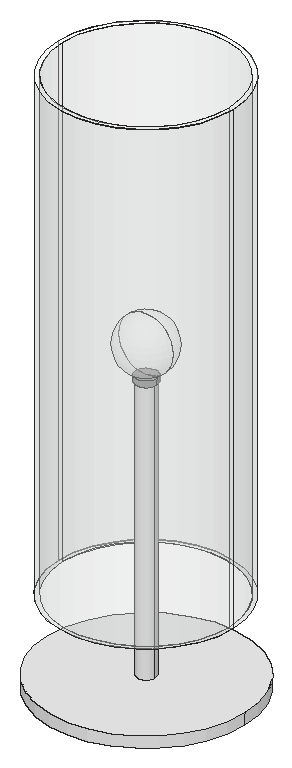
Revit family
Parameters (values of type "200 Watts")
  Wattage Comments = "200"
  Wattage = 200 W
  built-in parameter 1150110 = 1 (stored number, unit not read)
  built-in parameter 1114217 = 1 (stored number, unit not read)
  built-in parameter 1150109 = 1 (stored number, unit not read)
  built-in parameter 1150134 = 4
  built-in parameter 1150113 = 1 (stored number, unit not read)
  built-in parameter 1150105 = 190.99 (stored number, unit not read)
  Lumens = 2400 lm
  Material of Lamp Shade = Lamp Shade Material
  Material of Lamp Base = Lamp Base Materiel
  built-in parameter 1150115 = 1 (stored number, unit not read)
  Light Source Symbol Size = 609.6 mm
  built-in parameter 1150137 = (empty or 0)
  built-in parameter 1150139 = (empty or 0)
  built-in parameter 1150112 = 1 (stored number, unit not read)
  built-in parameter 1150114 = 1 (stored number, unit not read)
  Lamp = "TL-2"
  built-in parameter 1150132 = (empty or 0)
  built-in parameter 1150102 = (empty or 0)
  built-in parameter 1150107 = 2800 (stored number, unit not read)
  built-in parameter 1150138 = (empty or 0)
  built-in parameter 1150106 = 1.9099 (stored number, unit not read)
  Height [instance] = 750 mm
  built-in parameter 1150104 = 1.1148 (stored number, unit not read)
  Dimming Lamp Color Temperature Shift = (empty or 0)
  Color Filter = 16777215
  built-in parameter 1114218 = 1 (stored number, unit not read)
  built-in parameter 1150133 = 10 (stored number, unit not read)
Types (3, lengths in mm): name | Wattage Comments | Wattage | built-in parameter 1150105 | Lumens | built-in parameter 1150106
  (no name) | "200" | 200 W | 190.99 (stored number, unit not read) | 2400 lm | 1.9099 (stored number, unit not read)
  200 Watts | "200" | 200 W | 190.99 (stored number, unit not read) | 2400 lm | 1.9099 (stored number, unit not read)
  400 Watts | "400" | 400 W | 381.97 (stored number, unit not read) | 4800 lm | 3.8197 (stored number, unit not read)
Reference planes
  plane 1 "Light Source Axis (F/B)": y = 0
  plane 2: z = 0
  plane 3 "Light Source Axis (L/R)": x = 0
  plane 4 "Light Source Elevation": z = 1030
  plane 5: z = 750
  plane 6: x = -90
  plane 7: x = 90
  plane 8: y = 90
  plane 9: y = -90
Forms (mm)
  Extrusion 1, solid, material "Lamp Base Materiel" <- "Material of Lamp Base"
    sketch origin (0, 0, 750) x (-1, 0, 0) y (0, -1, 0)
      loop
        circle (0, 0) r 90
    from 0 to 10
  Extrusion 2, solid, material "Lamp Base Materiel" <- "Material of Lamp Base"
    sketch origin (0, 0, 750) x (-1, 0, 0) y (0, -1, 0)
      loop
        circle (0, 0) r 8
    from 10 to 250
  Extrusion 3, solid, material "Lamp Shade Material" <- "Material of Lamp Shade"
    sketch origin (0, 0, 750) x (-1, 0, 0) y (0, -1, 0)
      loop
        circle (0, 0) r 80
      loop
        circle (0, 0) r 75.873
    from 75 to 500
  Extrusion 4, solid, material "Default"
    sketch origin (0, 0, 750) x (-1, 0, 0) y (0, -1, 0)
      loop
        circle (0, 0) r 9.422
    from 250 to 255
  Revolve 5, solid, material "Lamp Shade Material" <- "Material of Lamp Shade"
    sketch origin (0, 0, 0) x (1, 0, 0) y (0, 0, 1)
      loop
        arc (0, 1005) -> (25, 1030) -> (0, 1055) r 25
        line (0, 1055) -> (0, 1005)
      axis (0, 1055) -> (0, 1005)
    angle from 0 to 360
Dimensions and locks
  "Height": plane 5 to plane 2
  locked: plane 4 "Light Source Elevation" to plane 5 at 280
  plane 6 to plane 7 = 180 mm
  plane 9 to plane 8 = 180 mm
  aligned and locked: Extrusion 1 to plane 5
  aligned and locked: Extrusion 2 to Extrusion 1
  aligned and locked: Extrusion 4 to Revolve 5 sketch curve
  aligned and locked: plane 3 "Light Source Axis (L/R)" to Revolve 5 sketch curve
  aligned and locked: plane 3 "Light Source Axis (L/R)" to imposter light
  aligned and locked: plane 1 "Light Source Axis (F/B)" to imposter light
  aligned and locked: plane 4 "Light Source Elevation" to imposter light
Automatic sketch dimensions
  Extrusion 1 sketch curve to plane 1 "Light Source Axis (F/B)" = 0 mm
  Extrusion 1 sketch curve to plane 3 "Light Source Axis (L/R)" = 0 mm
  Extrusion 2 sketch curve to plane 1 "Light Source Axis (F/B)" = 0 mm
  Extrusion 2 sketch curve to plane 3 "Light Source Axis (L/R)" = 0 mm
  Extrusion 3 sketch curve to plane 1 "Light Source Axis (F/B)" = 0 mm  (x2)
  Extrusion 3 sketch curve to plane 3 "Light Source Axis (L/R)" = 0 mm  (x2)
  Extrusion 4 sketch curve to plane 1 "Light Source Axis (F/B)" = 0 mm
  Extrusion 4 sketch curve to plane 3 "Light Source Axis (L/R)" = 0 mm
  Revolve 5 sketch curve to plane 3 "Light Source Axis (L/R)" = 0 mm
  Revolve 5 sketch curve to level = 271.696 mm
  Revolve 5 sketch curve to Revolve 5 sketch curve = 25 mm
  Revolve 5 sketch curve to Revolve 5 sketch curve = 977.223 mm
  radius of Extrusion 1 sketch curve = 90 mm
  radius of Extrusion 2 sketch curve = 8 mm
  radius of Extrusion 3 sketch curve = 80 mm
  radius of Extrusion 3 sketch curve = 75.873 mm
  radius of Extrusion 4 sketch curve = 9.422 mm
